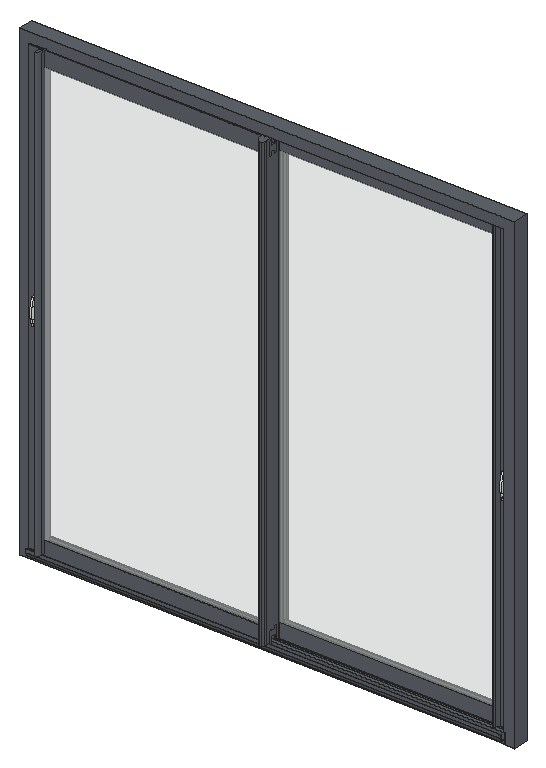
Revit family "Wicslide_65_Glass24_2_leaf_2_track_both_sliding_or_1_fixed_1slide", category Doors, host Wall, Revit 2014
Parameters
  Youtube clip = ""
  Weight Net (Kg) = 0
  Watertightness = "E900\r\nE900"
  Uniclass2 = "Ss-25-30-95-28"
  Uniclass 2015 Name = ""
  Uniclass 2015 Code = ""
  Uniclass 2.0 Description = ""
  Uniclass 2.0 Code = ""
  Uniclass 1.4 Description = ""
  Uniclass 1.4 Code = ""
  URL = "http://www.wicona.com"
  UNSPSC Code = ""
  Technical description = ""
  Sash meeting 3041242 = yes
  Sash meeting 3041241 = no
  Sash meeting 3041240 = not(or(Sash meeting 3041241, Sash meeting 3041242))  # no
  Sash 1041263 = yes
  Thermal (2-leaf frame) = "Uw < 1.5 W/m².K (with Ug = 1.0)"
  Sash 1041262 = no
  Sash 1041261 = no
  Sash 1041260 = not(or(Sash 1041261, Sash 1041262, Sash 1041263))  # no
  Resistance to wind load = ""
  Repeated Opening/Closing = "Class 3 (20,000 Cycles)"
  Region South America = "None"
  Region Oceania = "None"
  Region North America = "None"
  Region Middle East = "None"
  Region Europe = "AD, AL, AT, AX, BA, BE, BG, BY, CH, CS, CY, CZ, DE, DK, EE, ES, FI, FO, FR, GB, GG, GI, GR, HR, HU, IE, IM, IS, IT, JE, LI, LT, LU, LV, MC, MD, ME, MK, MT, NL, NO, PL, PT, RO, RS, RU, SE, SI, SJ, SK, SM, UA, VA, XK"
  Region Asia = "None"
  Region Antarctica = "None"
  Region Africa = "None"
  Quality Assurance = "Certified according to ISO 9001:2008"
  QR code = "http://bimobject.com/wicona/product/WICSLIDE_65_W"
  Product group = ""
  Product family = ""
  Product data url = "http://bimobject.com/wicona/product/WICSLIDE_65_W"
  Product certification = ""
  Product SKU = "WICSLIDE_65_W"
  Product Guid = "74bd8be9-202c-4542-9c4e-775a99e34c85"
  Operation = "IFC_DOORSLIDING"
  Operating Forces = "Class 1"
  OmniClass Description = ""
  OmniClass Code = ""
  Nominal width = 220000
  Nominal height = 210000
  NBS Reference Description = ""
  NBS Reference Code = ""
  Model = "Wicslide 65"
  Mechanical Strength = "Class 4"
  Maximum Sash Weight = "160kg as standard design, heavier weights can easily be customised"
  Material secondary = ""
  Material main = ""
  Manufacturer name = "Wicona"
  Manufacturer country = "Germany"
  Manufacturer = "Wicona"
  Load Bearing Capacity of Safety Devices = "Fulfilled"
  Leaf Width = Width / 2 - Frame Width 2  # 1045.5 mm
  Leaf Material = WICONA - Aluminium - RAL7016 - Anthracite Grey - Matt
  Leaf Height All = Height - Frame Width 2 - Bottom Offset  # 2000 mm
  Leaf Connect = 6.2 mm  # constant formula
  Leaf 2 Width = Width / 2 - Frame Width 2  # 1045.5 mm
  Keynote = "L10/330"
  Installation instructions = ""
  IFC Classification = ""
  Handle Material = Aluminium
  Glass Material = WICONA -  Glass
  Function = Interior
  Frame Width 3 = Frame Width - 24.5 mm  # 42.5 mm
  Frame Width 2 = if(Frame 1041226, 47.5 mm, 54.5 mm)  # 54.5 mm
  Frame Width = 67 mm
  Height = 2100 mm
  Wall Closure = By host
  Width = 2200 mm
  Frame Material = WICONA - Aluminium - RAL7016 - Anthracite Grey - Matt
  Frame Depth = 65 mm
  Frame 1041226 = no
  Frame 1041231 = not(or(Frame 1041226))  # yes
  Edition number = 1
  EN1627 Burglar Resistance = "RC1N, RC2N, RC2, RC3, SBD"
  EAN code = ""
  Door Offset = 60 mm
  Door 1 width = Width / 2 - Frame Width 2 - 50 mm  # 995.5 mm
  Design country = "Germany"
  Description = "With  its  various  designs  of  outer  and  opening  frames, multiple  leaf  combinations  (from  2  to  6  leaves)  and  its  comprehensive range of dual colour solutions, the Wicslide 65 brings greater freedom to building design. Designed  to  meet  market  demands,  Wicslide  65  sliding doors are perfectly suited for disabled access."
  Date of publishing = "3/14/2015"
  Corrosion Resistance of the Fittings = "Class 5"
  COBIe Type Category = ""
  Bottom Offset = if(Frame Bottom 1041226, 52.5 mm, 45.5 mm)  # 45.5 mm
  Frame Bottom 1041232 = yes
  Frame Bottom 1041226 = no
  Frame Bottom 1041231 = not(or(Frame Bottom 1041232, Frame Bottom 1041226))  # no
  BIMobject category = ""
  Air Permeability = "Class 4"
  Acoustic = "RA,tr = 35 dB"
Reference planes
  plane 1: y = 0
  plane 2 "Center (Left/Right)": x = 0
  plane 3 "Left": x = -1100
  plane 4 "Right": x = 1100
  plane 5: z = 2100
  plane 6 "Exterior": y = 75
  plane 7 "Interior": y = -75
  plane 8 "base line": y = 15
  plane 9: y = -50
  plane 10: x = -1045.5
  plane 11: z = 2045.5
  plane 12: x = 1045.5
  plane 13: y = 1081.9
  plane 14: x = -1054.5
  plane 15: x = 1054.5
  plane 16: y = -44
  plane 17: y = 9
  plane 18: z = 2044.035
  plane 19: z = 45.5
Forms (mm)
  Sweep 1, solid, material "WICONA - Aluminium - RAL7016 - Anthracite Grey - Matt" <- "Frame Material", visible <- "Frame 1041231"
    path origin (0, 15, 0) x (-1, 0, 0) y (0, 0, 1)
      loop
        line (1100, 0) -> (1100, 2100) -> (-1100, 2100) -> (-1100, 0)
    profile "Frame_1041231_profil : Frame_1041231_profil" origin (-1100, 15, 1050) x (1, 0, 0) y (0, 1, 0)
      loop
        line (0, 0.014) -> (0, -64.986) -> (47.501, -64.986) -> (47.501, -52.986) -> (28.03, -52.986) -> (28.03, -11.986) -> (47.501, -11.986) -> (47.501, 0.014) -> (0, 0.014)
  Sweep 2, solid, material "WICONA - Aluminium - RAL7016 - Anthracite Grey - Matt" <- "Frame Material", visible <- "Frame Bottom 1041231"
    path origin (0, 15, 0) x (-1, 0, 0) y (0, 0, 1)
      loop
        line (1054.5, 0) -> (-1054.5, 0)
    profile origin (0, 15, 0) x (0, 0, -1) y (0, 1, 0)
      loop
        line (0, 0) -> (-47.501, 0) -> (-47.501, -11.986) -> (-28.03, -11.986) -> (-28.03, -52.986) -> (-47.501, -52.986) -> (-47.501, -65) -> (0, -65) -> (0, 0)
  Sweep 3, solid, material "WICONA - Aluminium - RAL7016 - Anthracite Grey - Matt" <- "Frame Material", visible <- "Frame Bottom 1041226"
    path origin (0, 15, 0) x (-1, 0, 0) y (0, 0, 1)
      loop
        line (1054.5, 0) -> (-1054.5, 0)
    profile origin (0, 15, 0) x (0, 0, -1) y (0, 1, 0)
      loop
        line (-41.095, 0) -> (-54.504, 0) -> (-54.504, -11.986) -> (-35.067, -11.986) -> (-35.067, -52.986) -> (-54.504, -52.986) -> (-54.504, -65) -> (0, -65) -> (0, 0) -> (-16, 0) -> (-16, -5.069) -> (-17.931, -7) -> (-22.706, -7) -> (-22.706, 2) -> (-28.468, 2) -> (-41.095, 0)
  Sweep 4, solid, material "WICONA - Aluminium - RAL7016 - Anthracite Grey - Matt" <- "Frame Material", visible <- "Frame Bottom 1041232"
    path origin (0, 15, 0) x (-1, 0, 0) y (0, 0, 1)
      loop
        line (1054.5, 0) -> (-1054.5, 0)
    profile origin (0, 15, 0) x (0, 0, -1) y (0, 1, 0)
      loop
        line (0, 0) -> (-47.552, 0) -> (-47.552, -12) -> (-28.081, -12) -> (-28.081, -52.986) -> (-47.552, -52.986) -> (-47.552, -65.041) -> (-18.5, -65.041) -> (-18.5, -78.723)
        arc (-18.5, -78.723) -> (-25.364, -83.22) -> (-33.01, -86.2) r 39.467
        line (-33.01, -86.2) -> (-46.2, -86.2) -> (-46.2, -85.004) -> (-47.5, -85.004) -> (-47.5, -88) -> (-32.284, -88)
        arc (-32.284, -88) -> (-23.829, -84.402) -> (-16.3, -79.134) r 44.207
        line (-16.3, -79.134) -> (-16.3, -65) -> (0, -65) -> (0, 0)
  Sweep 5, solid, material "WICONA - Aluminium - RAL7016 - Anthracite Grey - Matt" <- "Frame Material", visible <- "Frame 1041226"
    path origin (0, 15, 0) x (-1, 0, 0) y (0, 0, 1)
      loop
        line (1100, 0) -> (1100, 2100) -> (-1100, 2100) -> (-1100, 0)
    profile origin (-1100, 15, 1050) x (1, 0, 0) y (0, 1, 0)
      loop
        line (54.5, -65) -> (54.5, -53) -> (35.067, -53) -> (35.067, -12) -> (54.5, -12) -> (54.5, 0) -> (0, 0) -> (0, -65) -> (16, -65) -> (16, -59.931) -> (17.931, -58) -> (22.706, -58) -> (22.706, -67) -> (28.468, -67) -> (41.095, -65) -> (54.5, -65)
Lines and regions (mm)
  Opening 1
    outline origin (-3050, -75, 0) x (1, 0, 0) y (0, 0, 1)
      loop
        line (1950, 0) -> (4150, 0) -> (4150, 2100) -> (1950, 2100) -> (1950, 0)
  model lines
    curve 1: line (0, -47.728, -46.926) -> (0, -47.728, -43.389)
  symbolic lines, style "Elevation Swing"
    curve 2: line (373.788, -75, 1198.851) -> (653.788, -75, 1198.851)
    curve 3: line (373.788, -75, 1198.851) -> (433.892, -75, 1138.747)
    curve 4: line (373.788, -75, 1198.851) -> (433.892, -75, 1258.955)
    curve 5: line (373.788, -75, 1198.851) -> (653.788, -75, 1198.851)
    curve 6: line (373.788, -75, 1198.851) -> (433.892, -75, 1258.955)
    curve 7: line (373.788, -75, 1198.851) -> (433.892, -75, 1138.747)
    curve 20: line (-344.757, -75, 1198.851) -> (-624.757, -75, 1198.851)
    curve 21: line (-344.757, -75, 1198.851) -> (-404.861, -75, 1138.747)
    curve 22: line (-344.757, -75, 1198.851) -> (-404.861, -75, 1258.955)
    curve 23: line (-344.757, -75, 1198.851) -> (-624.757, -75, 1198.851)
    curve 24: line (-344.757, -75, 1198.851) -> (-404.861, -75, 1258.955)
    curve 25: line (-344.757, -75, 1198.851) -> (-404.861, -75, 1138.747)
  symbolic lines, style "Plan Swing", detail levels coarse
    curve 8: line (-1045.5, -75, 0) -> (-1100, -75, 0)
    curve 9: line (1045.5, 75, 0) -> (1045.5, -75, 0)
    curve 10: line (-1045.5, 75, 0) -> (-1045.5, -75, 0)
    curve 11: line (-1045.5, 75, 0) -> (-1100, 75, 0)
    curve 12: line (1100, 75, 0) -> (1045.5, 75, 0)
    curve 13: line (1100, -75, 0) -> (1045.5, -75, 0)
  symbolic lines, style "Elevation Swing", not visible
    curve 14: line (213.788, -75, 1198.851) -> (493.788, -75, 1198.851)
    curve 15: line (213.788, -75, 1198.851) -> (273.892, -75, 1138.747)
    curve 16: line (213.788, -75, 1198.851) -> (273.892, -75, 1258.955)
    curve 17: line (213.788, -75, 1198.851) -> (493.788, -75, 1198.851)
    curve 18: line (213.788, -75, 1198.851) -> (273.892, -75, 1258.955)
    curve 19: line (213.788, -75, 1198.851) -> (273.892, -75, 1138.747)
Text (mm)
  text "Exterior" at (-2295.016, 1099.543, 0), in view "Ref. Level"
  text "Exterior" at (0, 1615.38, 3698.081), in view "Left"
  text "Exterior" at (0, 1036.032, 3874.932), in view "Right"
Dimensions and locks
  equal spacing: plane 3 "Left", plane 2 "Center (Left/Right)", plane 4 "Right"
  "Width": plane 3 "Left" to plane 4 "Right"
  "Height": plane 5 to host wall
  host wall to plane 5 = 2100 mm  (x2)
  locked: plane 6 "Exterior" to host wall at 0
  locked: plane 7 "Interior" to host wall
  "Door Offset": host wall to plane 8 "base line"
  "Frame Depth": plane 8 "base line" to plane 9
  "Frame Width 2": plane 3 "Left" to plane 10
  "Frame Width 2": plane 11 to plane 5
  "Frame Width 2": plane 12 to plane 4 "Right"
  "Bottom Offset": plane 3 "Left" to plane 14
  "Bottom Offset": plane 15 to plane 4 "Right"
  locked: plane 8 "base line" to plane 17 at 6
  locked: plane 9 to plane 16 at 6
  locked: plane 11 to plane 18 at 1.465
  "Bottom Offset": plane 19 to level
  aligned and locked: plane 3 "Left" to Opening 1 sketch curve
  aligned and locked: plane 5 to Opening 1 sketch curve  (x2)
  aligned and locked: Opening 1 sketch curve to plane 4 "Right"
  aligned and locked: Opening 1 sketch curve to level
  aligned and locked: plane 1 to host wall
  aligned and locked: Sweep 1 sketch curve to plane 3 "Left"
  aligned and locked: plane 5 to Sweep 1 sketch curve
  aligned and locked: plane 4 "Right" to Sweep 1 sketch curve
  aligned and locked: nested 1 to plane 8 "base line"
  aligned and locked: nested 1 to plane 3 "Left"
  aligned and locked: nested 2 to plane 4 "Right"
  aligned and locked: plane 8 "base line" to nested 2
  aligned and locked: plane 9 to nested 3
  aligned and locked: level to nested 3
  aligned and locked: nested 4 to level
  aligned and locked: nested 4 to plane 9
  aligned and locked: level to nested 5
  aligned and locked: plane 9 to nested 5
  aligned and locked: plane 15 to Sweep 3 sketch curve
  aligned and locked: plane 14 to Sweep 3 sketch curve
  aligned and locked: plane 14 to Sweep 4 sketch curve
  aligned and locked: plane 15 to Sweep 4 sketch curve
  aligned and locked: plane 14 to Sweep 2 sketch curve
  aligned and locked: plane 15 to Sweep 2 sketch curve
  aligned and locked: plane 5 to nested 6
  aligned and locked: nested 7 to plane 4 "Right"
  aligned and locked: plane 8 "base line" to nested 7
  aligned and locked: nested 8 to plane 8 "base line"
  aligned and locked: nested 8 to plane 3 "Left"
  aligned and locked: plane 5 to nested 9
  aligned and locked: plane 9 to nested 9
  aligned and locked: plane 18 to nested 10
  aligned and locked: nested 11 to plane 18
  aligned and locked: plane 10 to nested 10
  aligned and locked: plane 16 to nested 10
  aligned and locked: plane 17 to nested 11
  aligned and locked: plane 12 to nested 11
  aligned and locked: plane 7 "Interior" to curve 10
  aligned and locked: plane 6 "Exterior" to curve 10
  aligned and locked: curve 10 to plane 10
  aligned and locked: plane 3 "Left" to curve 11
  aligned and locked: plane 10 to curve 11
  aligned and locked: curve 11 to plane 6 "Exterior"
  aligned and locked: plane 3 "Left" to curve 8
  aligned and locked: curve 8 to plane 7 "Interior"
  aligned and locked: plane 7 "Interior" to curve 9
  aligned and locked: plane 6 "Exterior" to curve 9
  aligned and locked: curve 9 to plane 12
  aligned and locked: plane 4 "Right" to curve 13
  aligned and locked: plane 12 to curve 13
  aligned and locked: curve 13 to plane 7 "Interior"
  aligned and locked: plane 4 "Right" to curve 12
  aligned and locked: curve 12 to plane 6 "Exterior"
  aligned and locked: plane 10 to nested 12
  aligned and locked: nested 12 to plane 17
  aligned and locked: nested 13 to plane 16
  aligned and locked: plane 12 to nested 13
  aligned and locked: nested 6 to plane 9
  aligned and locked: plane 10 to nested 14
  aligned and locked: plane 2 "Center (Left/Right)" to nested 14
  aligned and locked: plane 16 to nested 14
  aligned and locked: plane 12 to nested 15
  aligned and locked: plane 2 "Center (Left/Right)" to nested 15
  aligned and locked: nested 15 to plane 17
Automatic sketch dimensions
  Sweep 1 sketch curve to level = 0 mm  (x2)
  Sweep 3 sketch curve to level = 0 mm
  plane 9 to curve 1 = 2.272 mm
  curve 1 to level = 46.926 mm
  curve 1 to curve 1 = 3.537 mm
  Sweep 2 sketch curve to level = 0 mm
  Sweep 4 sketch curve to level = 0 mm
  plane 4 "Right" to Sweep 5 sketch curve = 0 mm
  plane 3 "Left" to Sweep 5 sketch curve = 0 mm
  Sweep 5 sketch curve to level = 0 mm  (x2)
  Sweep 5 sketch curve to plane 5 = 0 mm
  Sweep 3 sketch curve to plane 8 "base line" = 0 mm  (x2)
  Sweep 3 sketch curve to profile plane = 0 mm
  Sweep 3 sketch curve to plane 8 "base line" = 5.069 mm
  profile plane to Sweep 3 sketch curve = 16 mm
  Sweep 3 sketch curve to plane 8 "base line" = 7 mm
  Sweep 3 sketch curve to Sweep 3 sketch curve = 1.931 mm
  plane 8 "base line" to Sweep 3 sketch curve = 2 mm
  Sweep 3 sketch curve to Sweep 3 sketch curve = 6.706 mm
  Sweep 3 sketch curve to Sweep 3 sketch curve = 5.762 mm
  Sweep 3 sketch curve to Sweep 3 sketch curve = 12.361 mm
  Sweep 3 sketch curve to Sweep 3 sketch curve = 12.628 mm
  Sweep 3 sketch curve to Sweep 3 sketch curve = 19.437 mm
  Sweep 3 sketch curve to Sweep 3 sketch curve = 13.408 mm
  Sweep 3 sketch curve to plane 8 "base line" = 11.986 mm
  Sweep 3 sketch curve to Sweep 3 sketch curve = 41 mm
  Sweep 3 sketch curve to Sweep 3 sketch curve = 12.014 mm
  Sweep 2 sketch curve to plane 8 "base line" = 0 mm
  profile plane to Sweep 2 sketch curve = 47.501 mm
  Sweep 2 sketch curve to Sweep 2 sketch curve = 0 mm
  Sweep 2 sketch curve to Sweep 2 sketch curve = 19.471 mm
  Sweep 2 sketch curve to profile plane = 0 mm
  Sweep 2 sketch curve to plane 8 "base line" = 11.986 mm
  Sweep 2 sketch curve to Sweep 2 sketch curve = 41 mm
  Sweep 2 sketch curve to Sweep 2 sketch curve = 12.014 mm
  Sweep 5 sketch curve to plane 8 "base line" = 0 mm
  Sweep 5 sketch curve to profile plane = 0 mm
  Sweep 5 sketch curve to profile plane = 16 mm
  Sweep 5 sketch curve to Sweep 5 sketch curve = 1.931 mm  (x2)
  Sweep 5 sketch curve to Sweep 5 sketch curve = 6.706 mm
  Sweep 5 sketch curve to Sweep 5 sketch curve = 5.762 mm
  Sweep 5 sketch curve to plane 8 "base line" = 12 mm
  Sweep 5 sketch curve to profile plane = 35.067 mm
  Sweep 5 sketch curve to Sweep 5 sketch curve = 19.433 mm  (x2)
  Sweep 5 sketch curve to Sweep 5 sketch curve = 41 mm
  Sweep 5 sketch curve to Sweep 5 sketch curve = 5 mm
  Sweep 5 sketch curve to Sweep 5 sketch curve = 5.069 mm
  Sweep 5 sketch curve to Sweep 5 sketch curve = 2 mm
  Sweep 5 sketch curve to Sweep 5 sketch curve = 12.628 mm
  Sweep 5 sketch curve to Sweep 5 sketch curve = 12 mm
  Sweep 4 sketch curve to plane 8 "base line" = 0 mm
  Sweep 4 sketch curve to profile plane = 0 mm
  profile plane to Sweep 4 sketch curve = 16.3 mm
  Sweep 4 sketch curve to Sweep 4 sketch curve = 2.2 mm
  Sweep 4 sketch curve to plane 8 "base line" = 12 mm
  Sweep 4 sketch curve to Sweep 4 sketch curve = 13.784 mm
  Sweep 4 sketch curve to Sweep 4 sketch curve = 15.361 mm
  Sweep 4 sketch curve to Sweep 4 sketch curve = 1.829 mm
  Sweep 4 sketch curve to Sweep 4 sketch curve = 13.916 mm
  Sweep 4 sketch curve to Sweep 4 sketch curve = 1.3 mm
  Sweep 4 sketch curve to Sweep 4 sketch curve = 4.109 mm
  Sweep 4 sketch curve to Sweep 4 sketch curve = 19.471 mm
  Sweep 4 sketch curve to Sweep 4 sketch curve = 33.744 mm
  Sweep 4 sketch curve to Sweep 4 sketch curve = 2.394 mm
  Sweep 4 sketch curve to Sweep 4 sketch curve = 4.849 mm
  Sweep 4 sketch curve to Sweep 4 sketch curve = 12.014 mm
  Sweep 4 sketch curve to Sweep 4 sketch curve = 12.055 mm
  Sweep 4 sketch curve to Sweep 4 sketch curve = 14.134 mm
  Sweep 4 sketch curve to Sweep 4 sketch curve = 2.996 mm
  Sweep 4 sketch curve to Sweep 4 sketch curve = 1.196 mm
  Sweep 4 sketch curve to Sweep 4 sketch curve = 0.726 mm
  Sweep 4 sketch curve to Sweep 4 sketch curve = 0.411 mm
Nested families
  nested 1: "Frame_1041231" at (-1100, 15, 0), visible <- "Frame 1041231", type "Frame_1041231"
  nested 2: "Frame_1041231" at (1100, 15, 0) x (-1, 0, 0) z (0, 0, 1), visible <- "Frame 1041231", type "Frame_1041231"
  nested 3: "Frame_1041226" at (0, -50, 0) x (0, 0, 1) z (1, 0, 0), type "Frame_1041226"
  nested 4: "Frame_Bottom_1041232" at (0, 15, 0) x (0, 0, 1) z (1, 0, 0), visible <- "Frame Bottom 1041232", built-in parameter 1006206 <- "Frame Bottom 1041232", type "Frame_Bottom_1041232"
  nested 5: "Frame_1041231" at (0, -50, 0) x (0, 0, 1) z (1, 0, 0), visible <- "Frame Bottom 1041231", type "Frame_1041231"
  nested 6: "Frame_1041231" at (0, 15, 2100) x (0, 0, -1) z (1, 0, 0), type "Frame_1041231"
  nested 7: "Frame_1041226" at (1100, 15, 0) x (-1, 0, 0) z (0, 0, 1), visible <- "Frame 1041226", type "Frame_1041226"
  nested 8: "Frame_1041226" at (-1100, 15, 0), visible <- "Frame 1041226", type "Frame_1041226"
  nested 9: "Frame_1041226" at (0, 15, 2100) x (0, 0, -1) z (1, 0, 0), visible <- "Frame 1041226", type "Frame_1041226"
  nested 10: "Leaf_Wicslide_65_2_leaf_2_track_both_sliding_or_1_fixed_1slide" at (-1043.984, -44, 44.035), type "Leaf_Wicslide_65_2_leaf_2_track_both_sliding_or_1_fixed_1slide"
    with Sash 1041263 yes, Sash 1041261 no, Handle Distance 18 mm, Leaf Width 1045.5 mm, Leaf Height 2000 mm
  nested 11: "Leaf_Wicslide_65_2_leaf_2_track_both_sliding_or_1_fixed_1slide_right" at (1043.984, 9, 44.035) x (-1, 0, 0) z (0, 0, 1), type "Leaf_Wicslide_65_2_leaf_2_track_both_sliding_or_1_fixed_1slide_right"
    with Sash 1041263 yes, Sash 1041261 no, Handle Distance 18 mm, Leaf Width 1045.5 mm, Leaf Height 2000 mm
  nested 12: "Seal" at (-1045.5, 9, 0), type "Seal"
  nested 13: "Seal" at (1045.5, -44, 0) x (-1, 0, 0) z (0, 0, 1), type "Seal"
  nested 14: "sliding door_coarse" at (-1045.5, -44, 0), type "52"
    with built-in parameter 1001306 3.4301 (stored number, unit not read)
  nested 15: "sliding door_coarse" at (0, 9, 0), type "52"
    with built-in parameter 1001306 3.4301 (stored number, unit not read)
Definition of nested family "Leaf_Wicslide_65_2_leaf_2_track_both_sliding_or_1_fixed_1slide"
  Parameters (values of type "Leaf_Wicslide_65_2_leaf_2_track_both_sliding_or_1_fixed_1slide")
    Sash meeting 3041242 = yes
    Sash meeting 3041240 = no
    Sash meeting 3041241 = no
    Sash 1041263 = no
    Sash 1041260 = no
    Sash 1041261 = yes
    Sash 1041262 = no
    Profil Bottom = 4 mm
    Handle Distance = if(Sash 1041260, 18 mm, if(Sash 1041261, 41 mm, if(Sash 1041262, 38 mm, 18 mm)))  # 41 mm
    Leaf Width = 896 mm
    Leaf Material = Aluminium
    Leaf Height = 1922 mm
    Handle Material = Aluminium
    Handle Height = 850 mm  # constant formula
    Glass Width = 24 mm
    Glass Offset 2 = 7 mm  # constant formula
    Glass Offset = 46.1 mm  # constant formula
    Glass Material = WICONA -  Glass
    Glas Offset Bottom = 46.6 mm
    Frame Material = Aluminium
  Reference planes
    plane 1 "Center (Front/Back)": y = 0
    plane 2: z = 0
    plane 3 "Center (Left/Right)": x = 0
    plane 4: x = 896
    plane 5: z = 1922
    plane 6: x = 46.1
    plane 7: x = 889
    plane 8: z = 1875.4
    plane 9: z = 46.6
    plane 10: z = 896.6
    plane 11: x = 58.1
    plane 12: y = -12.117
    plane 13: y = 11.883
    plane 14: y = 7.334
    plane 15: y = 31.334
    plane 16: x = -3.312
    plane 17: x = 899.312
    plane 18: z = 46.6
    plane 19: y = -41
    plane 20: x = 20
    plane 21: z = 960.237
    plane 22: z = 1923.516
    plane 23: x = -1.516
    plane 24: y = -21.816
    plane 25: z = -5.306
    plane 26: z = 25
    plane 27: x = 914.975
    plane 28: z = 1932.5
    plane 29: z = 1902.5
    plane 30: z = 4
  Forms (mm)
    Sweep 1, solid, material "Aluminium" <- "Leaf Material", visible <- "Sash 1041260"
      path origin (-1.381, 0, 34.551) x (1, 0, 0) y (0, 0, 1)
        loop
          line (0, -30.551) -> (0, 1897.949)
      profile origin (-1.381, 0, 968.25) x (-1, 0, 0) y (0, -1, 0)
        loop
          line (-59.481, -18) -> (8.519, -18) -> (8.519, -12.517) -> (-13.431, -12.517) -> (-13.431, 12.671) -> (8.519, 12.671) -> (8.519, 18) -> (-59.395, 18) -> (-59.395, 12.117) -> (-47.481, 12.117) -> (-47.481, -11.883) -> (-59.481, -11.883) -> (-59.481, -18)
    Extrusion 2, solid, material "WICONA -  Glass" <- "Glass Material", detail levels medium+fine
      sketch origin (-214.248, -550.766, -473.088) x (1, 0, 0) y (0, 0, 1)
        loop
          line (260.348, 2348.488) -> (260.348, 519.688) -> (1103.248, 519.688) -> (1103.248, 2348.488) -> (260.348, 2348.488)
      from -562.649 to -538.649
    Sweep 3, solid, material "Aluminium" <- "Leaf Material"
      path origin (0, 0, 0) x (1, 0, 0) y (0, 0, 1)
        loop
          line (12.05, 0) -> (914.975, 0)
      profile origin (463.512, 0, 0) x (0, 0, 1) y (0, -1, 0)
        loop
          line (-5.306, -16.029) -> (58.694, -16.029) -> (58.694, -11.883) -> (46.634, -11.883) -> (46.634, 12.117) -> (58.694, 12.117) -> (58.694, 16.171) -> (-5.306, 16.171) -> (-5.306, 12.671) -> (25, 12.671) -> (25, -12.517) -> (-5.306, -12.517) -> (-5.306, -16.029)
    Sweep 4, solid, material "Aluminium" <- "Leaf Material", visible <- "Sash meeting 3041240"
      path origin (0, 0, 0) x (1, 0, 0) y (0, 0, 1)
        loop
          line (896, 1932.5) -> (896, 4)
      profile origin (896, 0, 968.25) x (0, -1, 0) y (1, 0, 0)
        loop
          line (-18, -19.026) -> (-11.883, -19.026) -> (-11.883, -7.023) -> (12.117, -7.023) -> (12.117, -19.026) -> (18, -19.026) -> (18, 18.975) -> (-27.453, 18.975) -> (-27.453, 0) -> (-18, 0) -> (-18, -19.026)
    Sweep 5, solid, material "Aluminium" <- "Leaf Material", visible <- "Sash 1041263"
      path origin (0, 0, 0) x (1, 0, 0) y (0, 0, 1)
        loop
          line (0, 4) -> (0, 1932.5)
      profile origin (0, 0, 968.25) x (-1, 0, 0) y (0, -1, 0)
        loop
          line (9.9, -18) -> (9.9, -12.517) -> (-12.05, -12.517) -> (-12.05, 12.671) -> (9.9, 12.671) -> (9.9, 18) -> (-41.1, 18) -> (-41.1, 43) -> (-42.787, 50.915) -> (-43.872, 52) -> (-47.182, 52)
          arc (-47.182, 52) -> (-54.565, 40.341) -> (-58.1, 27) r 45.352
          line (-58.1, 27) -> (-58.1, -18) -> (9.9, -18)
    Sweep 6, solid, material "Aluminium" <- "Leaf Material", visible <- "Sash 1041262"
      path origin (0, 0, 0) x (1, 0, 0) y (0, 0, 1)
        loop
          line (0, 4) -> (0, 1932.5)
      profile origin (0, 0, 968.25) x (-1, 0, 0) y (0, -1, 0)
        loop
          line (-58.1, -18) -> (9.9, -18) -> (9.9, -12.517) -> (-12.05, -12.517) -> (-12.05, 12.671) -> (9.9, 12.671) -> (9.9, 18) -> (-6.1, 18) -> (-6.1, 38) -> (-58.1, 38) -> (-58.1, 12.117) -> (-46.1, 12.117) -> (-46.1, -11.883) -> (-58.1, -11.883) -> (-58.1, -18)
    Sweep 7, solid, material "Aluminium" <- "Leaf Material", visible <- "Sash 1041261"
      path origin (0, 0, 0) x (1, 0, 0) y (0, 0, 1)
        loop
          line (0, 4) -> (0, 1932.5)
      profile origin (0, 0, 968.25) x (-1, 0, 0) y (0, -1, 0)
        loop
          line (9.9, -18) -> (9.9, -12.517) -> (-12.05, -12.517) -> (-12.05, 12.671) -> (9.9, 12.671) -> (9.9, 41) -> (-58.1, 41) -> (-58.1, 12.117) -> (-46.136, 12.117) -> (-46.136, -11.883) -> (-58.1, -11.883) -> (-58.1, -18) -> (9.9, -18)
    Sweep 8, solid, material "Aluminium" <- "Leaf Material", visible <- "Sash meeting 3041242"
      path origin (0, 0, 0) x (1, 0, 0) y (0, 0, 1)
        loop
          line (896, 4) -> (896, 1932.5)
      profile origin (896, 0, 968.25) x (-1, 0, 0) y (0, -1, 0)
        loop
          line (19.026, -18) -> (19.026, -11.883) -> (7, -11.883) -> (7, 12.117) -> (19.026, 12.117) -> (19.026, 26.74)
          arc (19.026, 26.74) -> (9.037, 45.04) -> (-7.45, 57.8) r 50.906
          line (-7.45, 57.8) -> (-13.135, 57.8) -> (-14.994, 56.798) -> (-17.979, 45.657) -> (-18.975, 37.547) -> (-18.975, -27.453) -> (0, -27.453) -> (0, -18) -> (19.026, -18)
    Sweep 9, solid, material "Aluminium" <- "Leaf Material", visible <- "Sash meeting 3041241"
      path origin (0, 0, 0) x (1, 0, 0) y (0, 0, 1)
        loop
          line (896, 4) -> (896, 1932.5)
      profile origin (896, 0, 968.25) x (-1, 0, 0) y (0, -1, 0)
        loop
          line (0, -18) -> (19.026, -18) -> (19.026, -11.883) -> (7.023, -11.883) -> (7.023, 12.117) -> (19.026, 12.117) -> (19.026, 52.8) -> (-18.975, 52.8) -> (-18.975, -27.453) -> (0, -27.453) -> (0, -18)
    Sweep 10, solid, material "Aluminium" <- "Leaf Material"
      path origin (0, 0, 0) x (1, 0, 0) y (0, 0, 1)
        loop
          line (12.05, 1922) -> (914.975, 1922)
      profile origin (463.512, 0, 1922) x (0, 0, 1) y (0, -1, 0)
        loop
          line (10.5, 16.029) -> (-57.541, 16.029) -> (-57.541, 12.037) -> (-41.44, 12.037) -> (-41.44, -11.963) -> (-57.541, -11.963) -> (-57.541, -16.171) -> (10.5, -16.171) -> (10.5, -12.671) -> (-19.5, -12.671) -> (-19.5, 12.529) -> (10.5, 12.529) -> (10.5, 16.029)
    Extrusion 11, void
      sketch origin (0, 0, 0) x (1, 0, 0) y (0, 1, 0)
        loop
          line (889, 11.883) -> (889, -12.117) -> (925.276, -12.117) -> (925.276, 11.883) -> (889, 11.883)
      from -5.306 to 25
    Extrusion 12, void
      sketch origin (2, 0, 1844.745) x (1, 0, 0) y (0, 1, 0)
        loop
          line (887, 11.883) -> (887, -12.117) -> (925.276, -12.117) -> (925.276, 11.883) -> (887, 11.883)
      from 57.755 to 87.755
  Cuts and joins
    Extrusion 11 cuts Extrusion 2
    Extrusion 11, Extrusion 12 cuts Sweep 3
    Extrusion 11, Extrusion 12 cuts Sweep 4
    Extrusion 11, Extrusion 12 cuts Sweep 8
    Extrusion 11, Extrusion 12 cuts Sweep 9
  Lines and regions (mm)
    symbolic lines, style "GenericModel", detail levels medium+fine
      curve 1: line (62.7, 0, 0) -> (874, 0, 0)
      curve 2: line (0, 11.883, 1875.4) -> (0, 11.883, 46.6)
      curve 3: line (0, -12.117, 1875.4) -> (0, -12.117, 46.6)
      curve 4: line (0, 0, 1875.4) -> (0, 0, 46.6)
      curve 5: line (46.1, 0, 0) -> (889, 0, 0)
  Dimensions and locks
    "Leaf Width": plane 3 "Center (Left/Right)" to plane 4
    "Leaf Height": plane 5 to level
    "Glass Offset": plane 3 "Center (Left/Right)" to plane 6
    "Glass Offset 2": plane 7 to plane 4
    "Glas Offset Bottom": plane 5 to plane 8
    level to plane 10 = 896.6 mm
    "Glass Width": plane 15 to plane 14
    "Handle Height": plane 10 to plane 9
    "Glas Offset Bottom": plane 9 to level
    locked: plane 3 "Center (Left/Right)" to plane 16 at 3.312
    locked: plane 17 to plane 4 at 3.312
    locked: plane 3 "Center (Left/Right)" to plane 20 at 20
    "Handle Distance": plane 19 to plane 1 "Center (Front/Back)"
    plane 21 to level = 960.237 mm
    plane 24 to plane 1 "Center (Front/Back)" = 21.816 mm
    plane 26 to level to plane 25 = 25 mm locked, 5.306 mm locked
    locked: plane 4 to plane 27 at 18.975
    plane 28 to plane 5 to plane 29 = 10.5 mm locked, 19.5 mm locked
    "Profil Bottom": plane 30 to level
    aligned and locked: level to plane 2
    aligned and locked: plane 6 to nested 1
    aligned and locked: plane 7 to nested 1
    aligned and locked: plane 12 to nested 1
    aligned and locked: nested 2 to plane 8
    aligned and locked: nested 2 to plane 9
    aligned and locked: plane 12 to nested 2
    aligned and locked: plane 6 to curve 5
    aligned and locked: plane 7 to curve 5
    aligned and locked: plane 9 to plane 18
    aligned and locked: plane 4 to nested 4
    aligned and locked: nested 4 to plane 1 "Center (Front/Back)"
    aligned and locked: nested 3 to plane 3 "Center (Left/Right)"
    aligned and locked: nested 3 to plane 1 "Center (Front/Back)"
    aligned and locked: nested 5 to level
    aligned and locked: nested 5 to plane 1 "Center (Front/Back)"
    aligned and locked: nested 6 to plane 1 "Center (Front/Back)"
    aligned and locked: nested 6 to plane 3 "Center (Left/Right)"
    aligned and locked: nested 7 to plane 1 "Center (Front/Back)"
    aligned and locked: nested 7 to plane 3 "Center (Left/Right)"
    aligned and locked: nested 8 to plane 1 "Center (Front/Back)"
    aligned and locked: nested 8 to plane 3 "Center (Left/Right)"
    aligned and locked: plane 4 to nested 9
    aligned and locked: plane 4 to nested 10
    aligned and locked: nested 9 to plane 1 "Center (Front/Back)"
    aligned and locked: nested 10 to plane 1 "Center (Front/Back)"
    aligned and locked: Extrusion 2 to plane 6
    aligned and locked: plane 7 to Extrusion 2
    aligned and locked: plane 8 to Extrusion 2
    aligned and locked: Extrusion 2 to plane 9
    aligned and locked: Extrusion 2 to plane 13
    aligned and locked: plane 12 to Extrusion 2
    aligned and locked: Sweep 4 to Sweep 3 sketch curve
    aligned and locked: nested 11 to plane 1 "Center (Front/Back)"
    aligned and locked: nested 8 to nested 11
    aligned and locked: plane 19 to nested 12
    aligned and locked: nested 12 to plane 20
    aligned and locked: plane 21 to nested 12
    aligned and locked: plane 5 to nested 13
    aligned and locked: plane 1 "Center (Front/Back)" to nested 13
    aligned and locked: Sweep 10 to Sweep 4 sketch curve
    aligned and locked: Sweep 10 to Sweep 9 sketch curve
    aligned and locked: Sweep 10 to Sweep 8 sketch curve
    aligned and locked: Sweep 10 to Sweep 7 sketch curve
    aligned and locked: Sweep 10 to Sweep 6 sketch curve
    aligned and locked: Sweep 10 to Sweep 5 sketch curve
    aligned and locked: Sweep 10 to Sweep 1 sketch curve
    aligned and locked: Sweep 7 to Sweep 3 sketch curve
    aligned and locked: nested 14 to plane 19
    aligned and locked: nested 14 to plane 20
    aligned and locked: plane 26 to cut or joined group of Sweep 9, Extrusion 11, Extrusion 12
    aligned and locked: cut or joined group of Sweep 9, Extrusion 11, Extrusion 12 to plane 25
    aligned and locked: cut or joined group of Sweep 9, Extrusion 11, Extrusion 12 to plane 7  (x2)
    aligned and locked: plane 28 to cut or joined group of Sweep 9, Extrusion 11, Extrusion 12
    aligned and locked: cut or joined group of Sweep 9, Extrusion 11, Extrusion 12 to plane 29
    aligned and locked: plane 30 to Sweep 9 sketch curve
    aligned and locked: plane 30 to Sweep 4 sketch curve
    aligned and locked: plane 30 to Sweep 7 sketch curve
    aligned and locked: plane 30 to Sweep 6 sketch curve
    aligned and locked: plane 30 to Sweep 5 sketch curve
    aligned and locked: plane 30 to Sweep 1 sketch curve
    aligned and locked: plane 30 to Sweep 8 sketch curve
  Automatic sketch dimensions
    curve 3 to plane 8 = 0 mm
    curve 3 to plane 12 = 0 mm
    curve 4 to plane 1 "Center (Front/Back)" = 0 mm
    curve 2 to plane 9 = 0 mm
    curve 2 to plane 13 = 0 mm
    curve 3 to plane 9 = 0 mm
    curve 4 to plane 9 = 0 mm
    curve 4 to plane 8 = 0 mm
    curve 2 to plane 8 = 0 mm
    plane 1 "Center (Front/Back)" to curve 1 = 0 mm
    plane 1 "Center (Front/Back)" to curve 5 = 0 mm
    curve 1 to plane 11 = 4.6 mm
    curve 1 to plane 7 = 15 mm
    Sweep 1 sketch curve to profile plane = 18 mm
    profile plane to Sweep 1 sketch curve = 59.481 mm
    Sweep 1 sketch curve to Sweep 1 sketch curve = 0.086 mm
    Sweep 1 sketch curve to Sweep 1 sketch curve = 11.914 mm
    profile plane to Sweep 1 sketch curve = 13.431 mm
    Sweep 1 sketch curve to profile plane = 8.519 mm  (x2)
    Sweep 1 sketch curve to Sweep 1 sketch curve = 5.483 mm
    Sweep 1 sketch curve to profile plane = 11.883 mm
    profile plane to Sweep 1 sketch curve = 12.117 mm
    profile plane to Sweep 1 sketch curve = 12.671 mm
    Sweep 1 sketch curve to Sweep 1 sketch curve = 5.329 mm
    Extrusion 2 sketch curve to plane 6 = 0 mm
    Extrusion 2 sketch curve to plane 7 = 0 mm
    Extrusion 2 sketch curve to plane 9 = 0 mm
    Extrusion 2 sketch curve to plane 8 = 0 mm
    Sweep 3 sketch curve to level = 0 mm
    profile plane to Sweep 3 sketch curve = 5.306 mm  (x2)
    Sweep 3 sketch curve to plane 18 = 21.6 mm
    plane 18 to Sweep 3 sketch curve = 0.034 mm
    plane 18 to Sweep 3 sketch curve = 12.094 mm
    Sweep 3 sketch curve to Sweep 3 sketch curve = 12.06 mm
    Sweep 3 sketch curve to plane 1 "Center (Front/Back)" = 16.029 mm
    Sweep 3 sketch curve to Sweep 3 sketch curve = 3.512 mm
    Sweep 3 sketch curve to plane 1 "Center (Front/Back)" = 11.883 mm
    plane 1 "Center (Front/Back)" to Sweep 3 sketch curve = 12.117 mm
    plane 1 "Center (Front/Back)" to Sweep 3 sketch curve = 12.671 mm
    Sweep 3 sketch curve to Sweep 3 sketch curve = 4.054 mm
    Sweep 4 sketch curve to profile plane = 0 mm
    Sweep 4 sketch curve to plane 1 "Center (Front/Back)" = 27.453 mm
    Sweep 4 sketch curve to plane 1 "Center (Front/Back)" = 18 mm
    Sweep 4 sketch curve to Sweep 4 sketch curve = 6.117 mm
    plane 1 "Center (Front/Back)" to Sweep 4 sketch curve = 12.117 mm
    Sweep 4 sketch curve to Sweep 4 sketch curve = 5.883 mm
    profile plane to Sweep 4 sketch curve = 7.023 mm
    Sweep 4 sketch curve to Sweep 4 sketch curve = 12.003 mm  (x2)
    Sweep 4 sketch curve to profile plane = 18.975 mm
    Sweep 5 sketch curve to plane 3 "Center (Left/Right)" = 0 mm
    Sweep 5 sketch curve to plane 1 "Center (Front/Back)" = 18 mm
    profile plane to Sweep 5 sketch curve = 58.1 mm
    Sweep 5 sketch curve to Sweep 5 sketch curve = 10.918 mm
    Sweep 5 sketch curve to Sweep 5 sketch curve = 3.31 mm
    Sweep 5 sketch curve to Sweep 5 sketch curve = 1.085 mm  (x2)
    Sweep 5 sketch curve to Sweep 5 sketch curve = 1.687 mm
    profile plane to Sweep 5 sketch curve = 13.004 mm
    Sweep 5 sketch curve to Sweep 5 sketch curve = 0.954 mm
    Sweep 5 sketch curve to profile plane = 9.9 mm  (x2)
    Sweep 5 sketch curve to plane 1 "Center (Front/Back)" = 12.517 mm
    plane 1 "Center (Front/Back)" to Sweep 5 sketch curve = 12.671 mm
    Sweep 5 sketch curve to Sweep 5 sketch curve = 5.329 mm
    Sweep 5 sketch curve to Sweep 5 sketch curve = 9.518 mm
    Sweep 5 sketch curve to Sweep 5 sketch curve = 9 mm  (x2)
    Sweep 6 sketch curve to plane 3 "Center (Left/Right)" = 0 mm
    Sweep 6 sketch curve to plane 1 "Center (Front/Back)" = 18 mm
    profile plane to Sweep 6 sketch curve = 58.1 mm
    Sweep 6 sketch curve to Sweep 6 sketch curve = 0 mm
    Sweep 6 sketch curve to Sweep 6 sketch curve = 12 mm
    profile plane to Sweep 6 sketch curve = 12.05 mm
    profile plane to Sweep 6 sketch curve = 6.1 mm
    Sweep 6 sketch curve to profile plane = 9.9 mm  (x2)
    Sweep 6 sketch curve to Sweep 6 sketch curve = 5.483 mm
    Sweep 6 sketch curve to Sweep 6 sketch curve = 6.117 mm
    plane 1 "Center (Front/Back)" to Sweep 6 sketch curve = 12.117 mm
    plane 1 "Center (Front/Back)" to Sweep 6 sketch curve = 12.671 mm
    Sweep 6 sketch curve to Sweep 6 sketch curve = 5.329 mm
    Sweep 6 sketch curve to Sweep 6 sketch curve = 20 mm
    Sweep 7 sketch curve to plane 3 "Center (Left/Right)" = 0 mm
    profile plane to Sweep 7 sketch curve = 58.1 mm
    Sweep 7 sketch curve to Sweep 7 sketch curve = 0 mm
    Sweep 7 sketch curve to Sweep 7 sketch curve = 11.964 mm
    profile plane to Sweep 7 sketch curve = 12.05 mm
    Sweep 7 sketch curve to profile plane = 9.9 mm  (x2)
    Sweep 7 sketch curve to plane 1 "Center (Front/Back)" = 18 mm
    Sweep 7 sketch curve to Sweep 7 sketch curve = 5.483 mm
    Sweep 7 sketch curve to plane 1 "Center (Front/Back)" = 11.883 mm
    plane 1 "Center (Front/Back)" to Sweep 7 sketch curve = 12.117 mm
    plane 1 "Center (Front/Back)" to Sweep 7 sketch curve = 12.671 mm
    Sweep 7 sketch curve to Sweep 7 sketch curve = 28.329 mm
    Sweep 8 sketch curve to profile plane = 0 mm
    profile plane to Sweep 8 sketch curve = 7.45 mm
    Sweep 8 sketch curve to Sweep 8 sketch curve = 5.685 mm
    Sweep 8 sketch curve to Sweep 8 sketch curve = 1.859 mm
    Sweep 8 sketch curve to Sweep 8 sketch curve = 2.985 mm
    Sweep 8 sketch curve to Sweep 8 sketch curve = 0.996 mm
    plane 1 "Center (Front/Back)" to Sweep 8 sketch curve = 12.015 mm
    Sweep 8 sketch curve to Sweep 8 sketch curve = 10.729 mm
    Sweep 8 sketch curve to profile plane = 7 mm
    Sweep 8 sketch curve to Sweep 8 sketch curve = 12.026 mm  (x2)
    Sweep 8 sketch curve to plane 1 "Center (Front/Back)" = 11.883 mm
    Sweep 8 sketch curve to Sweep 8 sketch curve = 6.117 mm
    Sweep 8 sketch curve to Sweep 8 sketch curve = 9.453 mm
    plane 1 "Center (Front/Back)" to Sweep 8 sketch curve = 12.117 mm
    Sweep 8 sketch curve to Sweep 8 sketch curve = 14.623 mm
    Sweep 8 sketch curve to Sweep 8 sketch curve = 20.253 mm
    Sweep 8 sketch curve to Sweep 8 sketch curve = 8.11 mm
    Sweep 8 sketch curve to Sweep 8 sketch curve = 1.002 mm
    Sweep 9 sketch curve to profile plane = 0 mm
    profile plane to Sweep 9 sketch curve = 18.975 mm
    Sweep 9 sketch curve to profile plane = 7.023 mm
    Sweep 9 sketch curve to profile plane = 19.026 mm
    Sweep 9 sketch curve to Sweep 9 sketch curve = 12.003 mm
    Sweep 9 sketch curve to plane 1 "Center (Front/Back)" = 27.453 mm
    Sweep 9 sketch curve to Sweep 9 sketch curve = 9.453 mm
    Sweep 9 sketch curve to Sweep 9 sketch curve = 6.117 mm
    plane 1 "Center (Front/Back)" to Sweep 9 sketch curve = 12.117 mm
    Sweep 9 sketch curve to Sweep 9 sketch curve = 40.683 mm
    Sweep 10 sketch curve to plane 5 = 0 mm
    Sweep 10 sketch curve to plane 27 = 0 mm
    plane 20 to Sweep 10 sketch curve = 7.95 mm
    Sweep 10 sketch curve to plane 1 "Center (Front/Back)" = 16.171 mm
    profile plane to Sweep 10 sketch curve = 57.541 mm
    Sweep 10 sketch curve to Sweep 10 sketch curve = 0 mm
    Sweep 10 sketch curve to Sweep 10 sketch curve = 16.102 mm
    profile plane to Sweep 10 sketch curve = 19.5 mm
    Sweep 10 sketch curve to profile plane = 10.5 mm  (x2)
    Sweep 10 sketch curve to plane 1 "Center (Front/Back)" = 12.671 mm
    Sweep 10 sketch curve to Sweep 10 sketch curve = 4.208 mm
    plane 1 "Center (Front/Back)" to Sweep 10 sketch curve = 12.037 mm
    plane 1 "Center (Front/Back)" to Sweep 10 sketch curve = 12.529 mm
    Sweep 10 sketch curve to Sweep 10 sketch curve = 3.5 mm
    Extrusion 11 sketch curve to plane 7 = 0 mm
    plane 12 to Extrusion 11 sketch curve = 0 mm
    plane 13 to Extrusion 11 sketch curve = 0 mm
    plane 27 to Extrusion 11 sketch curve = 10.301 mm
    plane 7 to Extrusion 12 sketch curve = 0 mm
    plane 12 to Extrusion 12 sketch curve = 0 mm
    plane 13 to Extrusion 12 sketch curve = 0 mm
    plane 27 to Extrusion 12 sketch curve = 12.301 mm
    Sweep 8 sketch curve to plane 4 = 0 mm
    Sweep 4 sketch curve to plane 4 = 0 mm
    Sweep 9 sketch curve to plane 4 = 0 mm
    plane 23 to Sweep 1 sketch curve = 0.135 mm
  Nested families
    nested 1: "window_2_pieces_glass_line" at (46.1, -12.117, 0), type "T24"
      with built-in parameter 1001306 2.7654 (stored number, unit not read)
    nested 2: "window_2_pieces_glass_line" at (0, -12.117, 1875.4) x (0, 0, -1) z (1, 0, 0), type "T24"
      with built-in parameter 1001306 6 (stored number, unit not read)
    nested 3: "Sash Verticals_1041260" at (-9.9, 18, 0), visible <- "Sash 1041260", type "Sash Verticals_1041260"
    nested 4: "Sash meeting 3041240" at (896, 18, 0), visible <- "Sash meeting 3041240", type "Sash meeting 3041240"
    nested 5: "Sash_horizontal_1041264" at (0, 0, 0) x (0, 1, 0) z (1, 0, 0), type "Sash_horizontal_1041264"
    nested 6: "Sash Verticals_1041261" at (-9.9, 18, 0), visible <- "Sash 1041261", type "Sash Verticals_1041261"
    nested 7: "Sash Verticals_1041262" at (-9.9, 18, 0), visible <- "Sash 1041262", type "Sash Verticals_1041262"
    nested 8: "Sash Verticals_1041263" at (-9.9, 18, 0), visible <- "Sash 1041263", type "Sash Verticals_1041263"
    nested 9: "Sash meeting_3041241" at (896, 18, 0), visible <- "Sash meeting 3041241", type "Sash meeting_3041241"
    nested 10: "Sash meeting_3041242" at (896, 18, 0), visible <- "Sash meeting 3041242", type "Sash meeting_3041242"
    nested 11: "Sash_lock" at (-9.884, 18, 0), type "Sash_lock"
    nested 12: "wicona_handle_2" at (20, -41, 956.633) x (-1, 0, 0) z (0, 0, 1), type "wicona_handle_2", detail levels medium+fine
    nested 13: "Sash_horizontal_1041264" at (0, 0, 1927.194) x (0, -1, 0) z (1, 0, 0), type "Sash_horizontal_1041264"
    nested 14: "wicona_handle_2d" at (20, -41, 0), type "wicona_handle_2d"
  Definition of nested family "wicona_handle_2"
    Parameters (values of type "wicona_handle_2")
      Leaf Thickness = 119.445 mm
      Handle Material = Aluminium
    Reference planes
      plane 1 "Center (Front/Back)": y = 0
      plane 2: z = 0
      plane 3 "Center (Left/Right)": x = 0
      plane 4: x = -12.5
      plane 5: x = 12.5
      plane 6: y = -25
    Forms (mm)
      Extrusion 1, solid, material "Aluminium" <- "Handle Material"
        sketch origin (0, 0, 0) x (1, 0, 0) y (0, 0, 1)
          loop
            line (0, 24.936) -> (0, -24.936)
            arc (0, -24.936) -> (9.865, 0) -> (0, 24.936) r 36.45
        from 0 to 7.131
      Extrusion 2, solid, material "Aluminium" <- "Handle Material"
        sketch origin (0, 0, 0) x (0, 1, 0) y (0, 0, 1)
          loop
            line (0, 61.209) -> (-11.38, 61.209)
            arc (-11.38, 61.209) -> (-25.13, 4.31) -> (-11.38, -52.589) r 124.599
            line (-11.38, -52.589) -> (0, -52.589) -> (0, 61.209)
        from -4.798 to 4.287
      Extrusion 3, solid, material "Aluminium" <- "Handle Material"
        sketch origin (-0.471, 0, 3.281) x (0.788011, 0, 0.615661) y (-0.615661, 0, 0.788011)
          loop
            line (-12.5, 3.457) -> (-12.5, -1.543) -> (2.5, -1.543) -> (2.5, 3.457) -> (-12.5, 3.457)
        from 0 to 7.131
    Dimensions and locks
      aligned and locked: level to plane 2
  Definition of nested family "window_2_pieces_glass_line"
    Parameters (values of type "T24")
      v1 = 5 mm
      line = 10 mm
      built-in parameter 1001306 [instance] = 1200 mm
      Glass Thickness = 24 mm
    Reference planes
      plane 1 "Center (Front/Back)": y = 0
      plane 2: z = 0
      plane 3 "Left": x = 0
      plane 4 "Right": x = 1200
      plane 5: y = 24
      plane 6: y = 5
      plane 7: y = 19
      plane 8: x = 10
      plane 9: x = 1190
    Lines and regions (mm)
      reference lines, in view "Ref. Level"
        curve 1: line (0, 0, 0) -> (1200, 0, 0)
      detail lines, in view "Ref. Level", detail levels medium+fine
        curve 2: line (0, 24, 0) -> (1200, 24, 0)
        curve 3: line (0, 0, 0) -> (1200, 0, 0)
      detail lines, in view "Ref. Level", detail levels fine
        curve 4: line (0, 19, 0) -> (1200, 19, 0)
        curve 5: line (0, 5, 0) -> (1200, 5, 0)
      model lines, style "DetailComponents", in view "Ref. Level", detail levels fine
        curve 6: line (10, 19, 0) -> (10, 5, 0)
      detail lines, style "DetailComponents", in view "Ref. Level", detail levels fine
        curve 7: line (1190, 19, 0) -> (1190, 5, 0)
      model lines, style "DetailComponents", in view "Ref. Level", detail levels medium+fine
        curve 8: line (1200, 24, 0) -> (1200, 0, 0)
      detail lines, style "DetailComponents", in view "Ref. Level", detail levels medium+fine
        curve 9: line (0, 24, 0) -> (0, 0, 0)
    Dimensions and locks
      "built-in parameter 1001306": plane 3 "Left" to plane 4 "Right"
      "Glass Thickness": plane 5 to plane 1 "Center (Front/Back)"
      plane 5 to plane 1 "Center (Front/Back)" = 24 mm
      "v1": plane 5 to plane 7
      "v1": plane 6 to plane 1 "Center (Front/Back)"
      "line": plane 3 "Left" to plane 8
      "line": plane 9 to plane 4 "Right"
      aligned and locked: plane 1 "Center (Front/Back)" to curve 1
      aligned and locked: plane 3 "Left" to curve 1
      aligned and locked: plane 4 "Right" to curve 1
      aligned and locked: plane 5 to curve 2
      aligned and locked: plane 7 to curve 4
      aligned and locked: plane 6 to curve 5
      aligned and locked: curve 5 to curve 6
      aligned and locked: curve 6 to plane 8
      aligned and locked: curve 5 to curve 7
      aligned and locked: curve 7 to plane 9
      aligned and locked: plane 1 "Center (Front/Back)" to curve 9
      aligned and locked: curve 9 to plane 3 "Left"
      aligned and locked: curve 2 to curve 8
      aligned and locked: curve 3 to curve 8
      aligned and locked: curve 8 to plane 4 "Right"
      aligned and locked: curve 4 to curve 7
      aligned and locked: curve 4 to curve 6
    Automatic sketch dimensions
      curve 5 to plane 4 "Right" = 0 mm
      curve 4 to plane 4 "Right" = 0 mm
      curve 3 to plane 4 "Right" = 0 mm
      curve 2 to plane 4 "Right" = 0 mm
  Definition of nested family "Sash Verticals_1041260"
    Reference planes
      plane 1 "Center (Front/Back)": y = 0
      plane 2: z = 0
      plane 3 "Center (Left/Right)": x = 0
      plane 4: y = -36
      plane 5: y = -18
    Lines and regions (mm)
      Filled region 1, type "Concrete", in view "Ref. Level", detail levels medium
        outline origin (18.997, 3.58, 0) x (1, 0, 0) y (0, 1, 0)
          loop
            line (-18.997, -3.58) -> (-18.997, -39.58) -> (49.003, -39.58) -> (49.003, -33.697) -> (37.039, -33.697) -> (37.039, -9.697) -> (49.003, -9.697) -> (49.003, -3.58) -> (-18.997, -3.58)
      model lines, style "GLAS", in view "Ref. Level", detail levels fine
        curve 1: line (96.036, -6.117, 0) -> (56.036, -6.117, 0)
        curve 2: line (56.036, -6.117, 0) -> (56.036, -30.117, 0)
        curve 3: line (56.036, -30.117, 0) -> (96.036, -30.117, 0)
  Definition of nested family "Sash meeting 3041240"
    Reference planes
      plane 1 "Center (Front/Back)": y = 0
      plane 2: z = 0
      plane 3 "Center (Left/Right)": x = 0
      plane 4: y = -36
      plane 5: y = -18
      plane 6: x = 18.975
    Lines and regions (mm)
      Filled region 1, type "Concrete", in view "Ref. Level", detail levels medium
        outline origin (18.997, 3.58, 0) x (1, 0, 0) y (0, 1, 0)
          loop
            line (-0.022, -39.58) -> (-0.022, 5.873) -> (-18.997, 5.873) -> (-18.997, -3.58) -> (-38.023, -3.58) -> (-38.023, -9.697) -> (-26.02, -9.697) -> (-26.02, -33.697) -> (-38.023, -33.697) -> (-38.023, -39.58) -> (-0.022, -39.58)
      detail lines, style "GLAS", in view "Ref. Level", detail levels fine
        curve 1: line (-47.023, -6.117, 0) -> (-7.023, -6.117, 0)
        curve 2: line (-7.023, -6.117, 0) -> (-7.023, -30.117, 0)
        curve 3: line (-7.023, -30.117, 0) -> (-47.023, -30.117, 0)
  Definition of nested family "Sash_horizontal_1041264"
    Reference planes
      plane 1 "Center (Front/Back)": y = 0
      plane 2: z = 0
      plane 3 "Center (Left/Right)": x = 0
    Lines and regions (mm)
      Filled region 1, type "Concrete", in view "Ref. Level", detail levels medium
        outline origin (18.997, 3.58, 0) x (1, 0, 0) y (0, 1, 0)
          loop
            line (-35.168, -8.845) -> (-2.968, -8.845) -> (-2.968, 59.155) -> (-6.959, 59.155) -> (-6.959, 43.054) -> (-30.959, 43.054) -> (-30.959, 59.155) -> (-35.168, 59.155) -> (-35.168, -8.845)
      detail lines, style "GLAS", in view "Ref. Level", detail levels fine
        curve 1: line (-11.963, 46.634, 0) -> (-11.963, 86.634, 0)
        curve 2: line (12.037, 86.634, 0) -> (12.037, 46.634, 0)
        curve 26: line (-11.963, 86.634, 0) -> (-11.963, 46.634, 0)
        curve 27: line (-11.963, 46.634, 0) -> (12.037, 46.634, 0)
        curve 28: line (12.037, 46.634, 0) -> (12.037, 86.634, 0)
      detail lines, style "CENT3", in view "Ref. Level", not visible
        curve 3: line (123.517, -4.599, 0) -> (123.517, -38.599, 0)
      detail lines, style "GLAS", in view "Ref. Level", not visible
        curve 4: line (83.517, -9.599, 0) -> (123.517, -9.599, 0)
        curve 5: line (123.517, -9.599, 0) -> (123.517, -14.599, 0)
        curve 6: line (123.517, -14.599, 0) -> (83.517, -14.599, 0)
        curve 7: line (83.517, -14.599, 0) -> (83.517, -9.599, 0)
        curve 8: line (83.517, -28.599, 0) -> (123.517, -28.599, 0)
        curve 9: line (123.517, -28.599, 0) -> (123.517, -33.599, 0)
        curve 10: line (123.517, -33.599, 0) -> (83.517, -33.599, 0)
        curve 11: line (83.517, -33.599, 0) -> (83.517, -28.599, 0)
        curve 12: line (83.517, -10.599, 0) -> (123.517, -10.599, 0)
        curve 13: line (83.517, -11.599, 0) -> (123.517, -11.599, 0)
        curve 14: line (83.517, -12.599, 0) -> (123.517, -12.599, 0)
        curve 15: line (83.517, -13.599, 0) -> (123.517, -13.599, 0)
        curve 16: line (83.517, -14.599, 0) -> (123.517, -14.599, 0)
        curve 17: line (93.517, -14.599, 0) -> (93.517, -28.599, 0)
        curve 18: line (83.517, -28.599, 0) -> (123.517, -28.599, 0)
        curve 19: line (83.517, -29.599, 0) -> (123.517, -29.599, 0)
        curve 20: line (83.517, -30.599, 0) -> (123.517, -30.599, 0)
        curve 21: line (83.517, -31.599, 0) -> (123.517, -31.599, 0)
        curve 22: line (83.517, -32.599, 0) -> (123.517, -32.599, 0)
        curve 23: line (123.517, -9.599, 0) -> (83.517, -9.599, 0)
        curve 24: line (83.517, -9.599, 0) -> (83.517, -33.599, 0)
        curve 25: line (83.517, -33.599, 0) -> (123.517, -33.599, 0)
      detail lines, style "GLAS", in view "Ref. Level", not visible, detail levels fine
        curve 29: line (56.036, -6.117, 0) -> (96.036, -6.117, 0)
        curve 30: line (96.036, -30.117, 0) -> (56.036, -30.117, 0)
        curve 31: line (96.036, -6.117, 0) -> (56.036, -6.117, 0)
        curve 32: line (56.036, -6.117, 0) -> (56.036, -30.117, 0)
        curve 33: line (56.036, -30.117, 0) -> (96.036, -30.117, 0)
  Definition of nested family "Sash Verticals_1041261"
    Reference planes
      plane 1 "Center (Front/Back)": y = 0
      plane 2: z = 0
      plane 3 "Center (Left/Right)": x = 0
      plane 4: y = -36
      plane 5: y = -18
    Lines and regions (mm)
      Filled region 1, type "Concrete", in view "Ref. Level", detail levels medium
        outline origin (18.997, 3.58, 0) x (1, 0, 0) y (0, 1, 0)
          loop
            line (-18.997, -3.58) -> (-18.997, -62.58) -> (49.003, -62.58) -> (49.003, -33.697) -> (37.039, -33.697) -> (37.039, -9.697) -> (49.003, -9.697) -> (49.003, -3.58) -> (-18.997, -3.58)
      model lines, style "GLAS", in view "Ref. Level", detail levels fine
        curve 1: line (96.036, -6.117, 0) -> (56.036, -6.117, 0)
        curve 2: line (56.036, -6.117, 0) -> (56.036, -30.117, 0)
        curve 3: line (56.036, -30.117, 0) -> (96.036, -30.117, 0)
  Definition of nested family "Sash Verticals_1041262"
    Reference planes
      plane 1 "Center (Front/Back)": y = 0
      plane 2: z = 0
      plane 3 "Center (Left/Right)": x = 0
      plane 4: y = -36
      plane 5: y = -18
    Lines and regions (mm)
      Filled region 1, type "Concrete", in view "Ref. Level", detail levels medium
        outline origin (18.997, 3.58, 0) x (1, 0, 0) y (0, 1, 0)
          loop
            line (-18.997, -3.58) -> (-18.997, -39.58) -> (-2.997, -39.58) -> (-2.997, -59.58) -> (49.003, -59.58) -> (49.003, -33.697) -> (37.039, -33.697) -> (37.039, -9.697) -> (49.003, -9.697) -> (49.003, -3.58) -> (-18.997, -3.58)
      model lines, style "GLAS", in view "Ref. Level", detail levels fine
        curve 1: line (96.036, -6.117, 0) -> (56.036, -6.117, 0)
        curve 2: line (56.036, -6.117, 0) -> (56.036, -30.117, 0)
        curve 3: line (56.036, -30.117, 0) -> (96.036, -30.117, 0)
  Definition of nested family "Sash Verticals_1041263"
    Reference planes
      plane 1 "Center (Front/Back)": y = 0
      plane 2: z = 0
      plane 3 "Center (Left/Right)": x = 0
      plane 4: y = -36
      plane 5: y = -18
    Lines and regions (mm)
      Filled region 1, type "Concrete", in view "Ref. Level", detail levels medium
        outline origin (18.997, 3.58, 0) x (1, 0, 0) y (0, 1, 0)
          loop
            line (-18.997, -3.58) -> (-18.997, -39.58) -> (32.003, -39.58) -> (32.003, -64.58) -> (33.69, -72.495) -> (34.775, -73.58) -> (38.085, -73.58)
            arc (38.085, -73.58) -> (45.468, -61.921) -> (49.003, -48.58) r 45.352
            line (49.003, -48.58) -> (49.003, -33.697) -> (37.039, -33.697) -> (37.039, -9.697) -> (49.003, -9.697) -> (49.003, -3.58) -> (-18.997, -3.58)
      model lines, style "GLAS", in view "Ref. Level", detail levels fine
        curve 1: line (96.036, -6.117, 0) -> (56.036, -6.117, 0)
        curve 2: line (56.036, -6.117, 0) -> (56.036, -30.117, 0)
        curve 3: line (56.036, -30.117, 0) -> (96.036, -30.117, 0)
  Definition of nested family "Sash meeting_3041241"
    Reference planes
      plane 1 "Center (Front/Back)": y = 0
      plane 2: z = 0
      plane 3 "Center (Left/Right)": x = 0
      plane 4: y = -36
      plane 5: y = -18
      plane 6: x = 18.975
    Lines and regions (mm)
      Filled region 1, type "Concrete", in view "Ref. Level", detail levels medium
        outline origin (18.997, 3.58, 0) x (1, 0, 0) y (0, 1, 0)
          loop
            line (-0.022, -74.38) -> (-0.022, 5.873) -> (-18.997, 5.873) -> (-18.997, -3.58) -> (-38.023, -3.58) -> (-38.023, -9.697) -> (-26.02, -9.697) -> (-26.02, -33.697) -> (-38.023, -33.697) -> (-38.023, -74.38) -> (-0.022, -74.38)
      detail lines, style "GLAS", in view "Ref. Level", detail levels fine
        curve 1: line (-47.023, -6.117, 0) -> (-7.023, -6.117, 0)
        curve 2: line (-7.023, -6.117, 0) -> (-7.023, -30.117, 0)
        curve 3: line (-7.023, -30.117, 0) -> (-47.023, -30.117, 0)
  Definition of nested family "Sash meeting_3041242"
    Reference planes
      plane 1 "Center (Front/Back)": y = 0
      plane 2: z = 0
      plane 3 "Center (Left/Right)": x = 0
      plane 4: y = -36
      plane 5: y = -18
      plane 6: x = 18.975
    Lines and regions (mm)
      Filled region 1, type "Concrete", in view "Ref. Level", detail levels medium
        outline origin (18.997, 3.58, 0) x (1, 0, 0) y (0, 1, 0)
          loop
            line (-0.022, -59.127) -> (-0.022, 5.873) -> (-18.997, 5.873) -> (-18.997, -3.58) -> (-38.023, -3.58) -> (-38.023, -9.697) -> (-26.02, -9.697) -> (-26.02, -33.697) -> (-38.023, -33.697) -> (-38.023, -48.32)
            arc (-38.023, -48.32) -> (-28.034, -66.62) -> (-11.546, -79.38) r 50.906
            line (-11.546, -79.38) -> (-5.862, -79.38) -> (-4.003, -78.378) -> (-1.018, -67.237) -> (-0.022, -59.127)
      detail lines, style "GLAS", in view "Ref. Level", detail levels fine
        curve 1: line (-47.023, -6.117, 0) -> (-7.023, -6.117, 0)
        curve 2: line (-7.023, -6.117, 0) -> (-7.023, -30.117, 0)
        curve 3: line (-7.023, -30.117, 0) -> (-47.023, -30.117, 0)
  Definition of nested family "Sash_lock"
    Reference planes
      plane 1 "Center (Front/Back)": y = 0
      plane 2: z = 0
      plane 3 "Center (Left/Right)": x = 0
      plane 4: y = -36
      plane 5: y = -18
  Definition of nested family "wicona_handle_2d"
    Reference planes
      plane 1 "Center (Front/Back)": y = 0
      plane 2: z = 0
      plane 3 "Center (Left/Right)": x = 0
    Lines and regions (mm)
      Filled region 1, type "Concrete", in view "Ref. Level", detail levels medium
        outline origin (18.997, 3.58, 0) x (1, 0, 0) y (0, 1, 0)
          loop
            line (-32.997, -3.58) -> (-32.997, -9.933) -> (-24.997, -13.663) -> (-24.997, -27.833) -> (-22.937, -29.893) -> (-14.406, -29.893) -> (-13.407, -28.894) -> (-12.884, -13.903) -> (-10.056, -13.145) -> (-10.056, -16.127) -> (-7.132, -23.016) -> (0.376, -23.016) -> (1.978, -21.414) -> (0.932, -15.482) -> (-2.662, -8.313) -> (-7.394, -3.58) -> (-32.997, -3.58)
      model lines, style "PIECES", in view "Ref. Level", detail levels fine
        curve 1: arc (14, -1.6, 0) -> (13.707, -0.893, 0) -> (13, -0.6, 0) r 1
        curve 2: arc (6.221, -10.26, 0) -> (7.596, -9.888, 0) -> (8.949, -9.443, 0) r 26.5
        curve 3: arc (-13.393, -7.367, 0) -> (-9.913, -9.076, 0) -> (-6.221, -10.26, 0) r 26.5
        curve 4: arc (11.211, -7.242, 0) -> (11.535, -6.913, 0) -> (11.677, -6.473, 0) r 1
        curve 5: line (11.793, -0.6, 0) -> (12.052, -0.6, 0)
        curve 6: line (12.052, -0.6, 0) -> (13, -0.6, 0)
        curve 7: line (8.949, -12.262, 0) -> (8.949, -8.492, 0)
